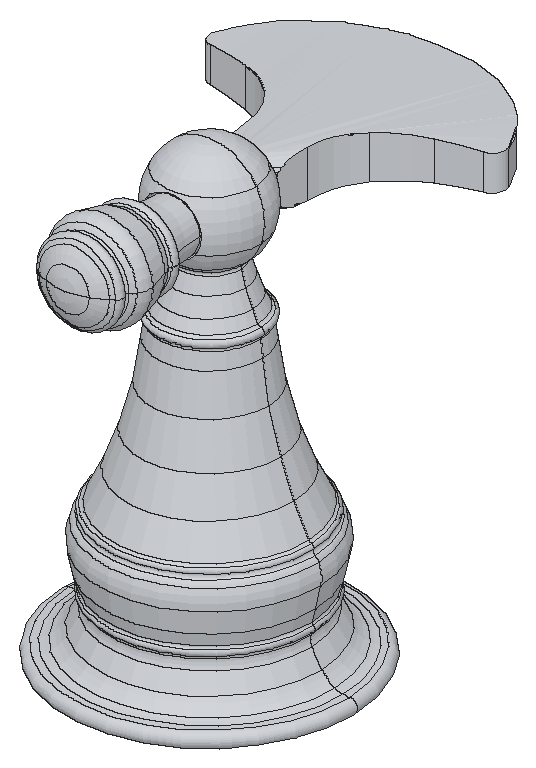
Revit family "Accessory-Robe_Hook-KOHLER-Revival-K-16146", category Specialty Equipment, host Face, Revit 2015
Parameters (values of type "CP-Polished Chrome")
  Width = 2 3/8"  # constant formula
  URL = "https://www.us.kohler.com/us/"
  Type = 1
  Product Page URL = "http://www.us.kohler.com/us/catalog/productDetails.jsp?productNumber=16146"
  Product Name = "Revival"  # constant formula
  Product Documentation Link = "http://www.us.kohler.com/onlinecatalog/pdf/K-16146_spec.pdf"
  Model = if(Type = 1, "K-16146-CP", if(Type = 2, "K-16146-PB", if(Type = 3, "K-16146-BN", if(Type = 4, "K-16146-BV", "NA"))))  # "K-16146-CP"
  Material = "Brass construction"  # constant formula
  MasterFormat 2004 = "10.28.13"  # constant formula
  MasterFormat 1995 = "10820"  # constant formula
  Manufacturer Address = "444 Highland Dr, Kohler, WI 53044"  # constant formula
  Manufacturer = "KOHLER Co."  # constant formula
  Length = 3 3/4"  # constant formula
  Height = Length  # 3 3/4"
  Finish = Kohler-Metal-CP-Polished_Chrome
  Environmental Product Declaration = ""
  Description = "Robe hook"  # constant formula
  Default Elevation = 42"
  Declare Label = ""
  Date Modified = "12/03/2018"  # constant formula
  Date Created = "12/03/2018"  # constant formula
  Copyright = "Copyright KOHLER Co."  # constant formula
  Contact Us = "https://www.us.kohler.com/us/static/contact.jsp"
  Assembly Code = "C1030200"
  ADA Compliant = 1 = 0  # no
Types (5): name | Type | Model | Finish
  (no name) | 1 | "K-16146-CP" | Kohler-Metal-CP-Polished_Chrome
  CP-Polished Chrome | 1 | "K-16146-CP" | Kohler-Metal-CP-Polished_Chrome
  PB-Vibrant Polished Brass | 2 | "K-16146-PB" | Kohler-Metal-PB-Vibrant_Polished_Brass
  BN-Vibrant Brushed Nickel | 3 | "K-16146-BN" | Kohler-Metal-BN-Vibrant_Brushed_Nickel
  BV-Vibrant Brushed Bronze | 4 | "K-16146-BV" | Kohler-Metal-BV-Brushed_Bronze
Reference planes (in)
  plane 1 "Center (Front/Back)": y = 0
  plane 2: z = 0
  plane 3 "Center (Left/Right)": x = 0
  plane 4: y = 2.29942
  plane 5: y = -1.45058
  plane 6: z = 3.75
  plane 7: x = -1.1875
  plane 8: x = 1.1875
Dimensions and locks (in)
  "Height": plane 4 to plane 5
  "Length": plane 6 to level
  "Width": plane 7 to plane 8
  aligned and locked: host face to plane 2
  aligned and locked: host face to level
Automatic sketch dimensions
  host sketch curve to host sketch curve = 96"  (x2)
Nested families (in)
  nested 1: "K-16146" at (0, 0, 0), type "K-16146"
Definition of nested family "K-16146"
  Parameters (values of type "K-16146")
    Material = none
  Reference planes (in)
    plane 1 "Center (Front/Back)": y = 0
    plane 2: z = 0
    plane 3 "Center (Left/Right)": x = 0
    plane 4: y = 1.1875
    plane 5: y = -1.1875
    plane 6: x = -1.1875
    plane 7: x = 1.1875
    plane 8: z = 3.75
    plane 9: y = -1.45058
    plane 10: y = 2.29942
  Forms (in)
    Revolve 1, solid, material <- "Material", detail levels medium+fine
      sketch origin (0, 0, 0) x (1, 0, 0) y (0, 0, 1)
        loop
          line (0, 0) -> (0, 3.75)
          arc (0, 3.75) -> (-0.21858, 3.69157) -> (-0.37887, 3.53188) r 0.4381
          arc (-0.37887, 3.53188) -> (-0.4418, 3.33792) -> (-0.41924, 3.13526) r 0.48388
          arc (-0.41924, 3.13526) -> (-0.37806, 3.0492) -> (-0.31714, 2.97577) r 0.38833
          arc (-0.31714, 2.97577) -> (-0.29263, 2.95317) -> (-0.26767, 2.93106) r 1.6648
          arc (-0.26767, 2.93106) -> (-0.2585, 2.91669) -> (-0.25864, 2.89966) r 0.03001
          arc (-0.25864, 2.89966) -> (-0.27701, 2.83812) -> (-0.29472, 2.77638) r 5.92659
          arc (-0.29472, 2.77638) -> (-0.31787, 2.70703) -> (-0.34763, 2.64024) r 0.75564
          arc (-0.34763, 2.64024) -> (-0.36952, 2.59534) -> (-0.39018, 2.54986) r 1.81731
          arc (-0.39018, 2.54986) -> (-0.40036, 2.53627) -> (-0.41552, 2.52861) r 0.0372
          arc (-0.41552, 2.52861) -> (-0.438, 2.50476) -> (-0.42526, 2.47456) r 0.03002
          arc (-0.42526, 2.47456) -> (-0.41433, 2.46169) -> (-0.41166, 2.44502) r 0.03135
          arc (-0.41166, 2.44502) -> (-0.41953, 2.3793) -> (-0.42809, 2.31366) r 6.26405
          arc (-0.42809, 2.31366) -> (-0.45202, 2.15305) -> (-0.48011, 1.99312) r 6.26405
          arc (-0.48011, 1.99312) -> (-0.51933, 1.82256) -> (-0.57181, 1.65561) r 2.23034
          arc (-0.57181, 1.65561) -> (-0.62402, 1.51384) -> (-0.6788, 1.37304) r 8.32302
          arc (-0.6788, 1.37304) -> (-0.733, 1.25151) -> (-0.79661, 1.13463) r 1.68754
          arc (-0.79661, 1.13463) -> (-0.80667, 1.1226) -> (-0.81997, 1.1143) r 0.04969
          arc (-0.81997, 1.1143) -> (-0.83464, 1.09945) -> (-0.8345, 1.07858) r 0.02727
          arc (-0.8345, 1.07858) -> (-0.83315, 1.05829) -> (-0.8446, 1.0415) r 0.03113
          arc (-0.8446, 1.0415) -> (-0.86346, 1.02319) -> (-0.87694, 1.00063) r 0.10072
          arc (-0.87694, 1.00063) -> (-0.89811, 0.9228) -> (-0.89661, 0.84215) r 0.28474
          arc (-0.89661, 0.84215) -> (-0.87982, 0.75127) -> (-0.85905, 0.66122) r 2.10532
          arc (-0.85905, 0.66122) -> (-0.8449, 0.61059) -> (-0.82834, 0.5607) r 1.097
          arc (-0.82834, 0.5607) -> (-0.82757, 0.54542) -> (-0.83541, 0.53229) r 0.02638
          arc (-0.83541, 0.53229) -> (-0.84499, 0.50756) -> (-0.83101, 0.48502) r 0.02972
          arc (-0.83101, 0.48502) -> (-0.81975, 0.47391) -> (-0.81444, 0.45901) r 0.03543
          arc (-0.81444, 0.45901) -> (-0.8154, 0.41856) -> (-0.82756, 0.37997) r 0.14414
          arc (-0.82756, 0.37997) -> (-0.86418, 0.30966) -> (-0.90549, 0.242) r 1.16777
          arc (-0.90549, 0.242) -> (-0.9517, 0.18791) -> (-1.00986, 0.14692) r 0.28538
          arc (-1.00986, 0.14692) -> (-1.04146, 0.13318) -> (-1.07483, 0.12455) r 0.2195
          arc (-1.07483, 0.12455) -> (-1.10071, 0.12114) -> (-1.12679, 0.12) r 0.29924
          arc (-1.12679, 0.12) -> (-1.18714, 0.06586) -> (-1.13985, 0) r 0.06071
          line (-1.13985, 0) -> (0, 0)
        axis (0, 3.75) -> (0, 0)
      angle from 0 to 360
    Extrusion 2, void
      sketch origin (0, 0, 0) x (1, 0, 0) y (0, 0, 1)
        loop
          circle (0, 3.28043) r 0.24005
      from -0.45704 to 0.43897
    Revolve 3, solid, material <- "Material", detail levels medium+fine
      sketch origin (0, 0, 3.28037) x (1, 0, 0) y (0, 1, 0)
        loop
          line (0.22268, 0.37755) -> (0, 0.37755) -> (0, -1.45058)
          arc (0, -1.45058) -> (0.08816, -1.44218) -> (0.17314, -1.41727) r 0.46666
          arc (0.17314, -1.41727) -> (0.2307, -1.38957) -> (0.28394, -1.35426) r 0.46666
          arc (0.28394, -1.35426) -> (0.30021, -1.34254) -> (0.31717, -1.33182) r 0.3336
          arc (0.31717, -1.33182) -> (0.34074, -1.29391) -> (0.32314, -1.25288) r 0.04827
          arc (0.32314, -1.25288) -> (0.31564, -1.23552) -> (0.32552, -1.21939) r 0.02054
          arc (0.32552, -1.21939) -> (0.34637, -1.20479) -> (0.36503, -1.1875) r 0.18658
          arc (0.36503, -1.1875) -> (0.39649, -1.13182) -> (0.39857, -1.0679) r 0.13401
          arc (0.39857, -1.0679) -> (0.37691, -0.97582) -> (0.35113, -0.88481) r 2.10084
          arc (0.35113, -0.88481) -> (0.33788, -0.85022) -> (0.32012, -0.81773) r 0.27556
          arc (0.32012, -0.81773) -> (0.31636, -0.80069) -> (0.32447, -0.78523) r 0.02543
          arc (0.32447, -0.78523) -> (0.33648, -0.73076) -> (0.28906, -0.70138) r 0.04823
          arc (0.28906, -0.70138) -> (0.27416, -0.69719) -> (0.26511, -0.68464) r 0.02348
          arc (0.26511, -0.68464) -> (0.23151, -0.53109) -> (0.22077, -0.37428) r 1.07036
          arc (0.22077, -0.37428) -> (0.2222, 0.00163) -> (0.22268, 0.37755) r 147.88318
        axis (0, 0.37755) -> (0, -1.45058)
      angle from 0 to 360
    Blend 4, solid, material <- "Material", detail levels medium+fine
      base sketch origin (0, 0, 0) x (1, 0, 0) y (0, 0, 1)
        loop
          arc (0.18785, 3.39994) -> (0.17852, 3.41347) -> (0.16822, 3.42627) r 0.22268
          arc (0.16822, 3.42627) -> (0.00045, 3.50305) -> (-0.16763, 3.42696) r 0.22268
          arc (-0.16763, 3.42696) -> (-0.17825, 3.41383) -> (-0.18785, 3.39994) r 0.22268
          arc (-0.18785, 3.39994) -> (-0.22256, 3.28752) -> (-0.19514, 3.17311) r 0.22268
          arc (-0.19514, 3.17311) -> (-0.18382, 3.15469) -> (-0.17077, 3.13746) r 0.22268
          arc (-0.17077, 3.13746) -> (0.00114, 3.0577) -> (0.17223, 3.13922) r 0.22268
          arc (0.17223, 3.13922) -> (0.18446, 3.15564) -> (0.19514, 3.17311) r 0.22268
          arc (0.19514, 3.17311) -> (0.22256, 3.28752) -> (0.18785, 3.39994) r 0.22268
      top sketch origin (0, 0, 0) x (1, 0, 0) y (0, 0, 1)
        loop
          line (2.2103, 3.4058) -> (-2.21039, 3.4058)
          arc (-2.21039, 3.4058) -> (-2.24913, 3.3922) -> (-2.27085, 3.35735) r 0.06195
          arc (-2.27085, 3.35735) -> (-2.27955, 3.27905) -> (-2.2711, 3.20072) r 0.36213
          arc (-2.2711, 3.20072) -> (-2.24862, 3.16446) -> (-2.20838, 3.15029) r 0.06422
          line (-2.20838, 3.15029) -> (2.20914, 3.15029)
          arc (2.20914, 3.15029) -> (2.24873, 3.1642) -> (2.27091, 3.19983) r 0.06328
          arc (2.27091, 3.19983) -> (2.27955, 3.27854) -> (2.27088, 3.35724) r 0.36213
          arc (2.27088, 3.35724) -> (2.24912, 3.39216) -> (2.2103, 3.4058) r 0.06207
      from -0.37755 to -2.34478
    Extrusion 5, void
      sketch origin (0, 0, 0) x (1, 0, 0) y (0, 1, 0)
        loop
          arc (1.17971, 1.53011) -> (1.17346, 1.43743) -> (1.09668, 1.38516) r 0.10613
          arc (1.09668, 1.38516) -> (0.9259, 1.35174) -> (0.75918, 1.3019) r 1.79201
          arc (0.75918, 1.3019) -> (0.57397, 1.21043) -> (0.41574, 1.07765) r 0.86477
          arc (0.41574, 1.07765) -> (0.29348, 0.88771) -> (0.24638, 0.66678) r 0.62757
          arc (0.24638, 0.66678) -> (0.23834, 0.52185) -> (0.22268, 0.37755) r 2.75548
          line (0.22268, 0.37755) -> (2.34028, 0.37755) -> (2.34028, 2.48947) -> (-2.40972, 2.48947) -> (-2.40972, 0.37755) -> (-0.22268, 0.37755)
          arc (-0.22268, 0.37755) -> (-0.23834, 0.52185) -> (-0.24638, 0.66678) r 2.75548
          arc (-0.24638, 0.66678) -> (-0.29348, 0.88771) -> (-0.41574, 1.07765) r 0.62757
          arc (-0.41574, 1.07765) -> (-0.57397, 1.21043) -> (-0.75918, 1.3019) r 0.86477
          arc (-0.75918, 1.3019) -> (-0.92598, 1.35175) -> (-1.09683, 1.38519) r 1.79201
          arc (-1.09683, 1.38519) -> (-1.1749, 1.43996) -> (-1.17725, 1.5353) r 0.10588
          arc (-1.17725, 1.5353) -> (-1.12731, 1.6356) -> (-1.07349, 1.73388) r 2.87185
          arc (-1.07349, 1.73388) -> (-0.9565, 1.8955) -> (-0.80809, 2.02886) r 0.94232
          arc (-0.80809, 2.02886) -> (-0.67214, 2.11889) -> (-0.52925, 2.19743) r 1.982
          arc (-0.52925, 2.19743) -> (-0.38819, 2.25275) -> (-0.23964, 2.28261) r 0.86505
          arc (-0.23964, 2.28261) -> (-0.11999, 2.29345) -> (0, 2.29942) r 2.95807
          arc (0, 2.29942) -> (0.71038, 2.09959) -> (1.17971, 1.53011) r 1.23401
      from 2.86225 to 3.7692
    Revolve 6, solid, material <- "Material", detail levels coarse
      sketch origin (0, 0, 0) x (0, 1, 0) y (0, 0, 1)
        loop
          line (0, 0) -> (0, 3.75) -> (-0.42526, 3.75) -> (-0.42526, 2.52431) -> (-0.89811, 0.9228) -> (-1.21586, 0) -> (0, 0)
        axis (0, 3.75) -> (0, 0)
      angle from 0 to 360
    Revolve 7, solid, material <- "Material", detail levels coarse
      sketch origin (0, 0, 3.27956) x (1, 0, 0) y (0, 1, 0)
        loop
          line (0, -1.45058) -> (0.40019, -1.45058) -> (0.40019, -1.09573) -> (0.33711, -0.73799) -> (0.22476, -0.10082) -> (0, -0.10082) -> (0, -1.45058)
        axis (0, -0.10082) -> (0, -1.45058)
      angle from 0 to 360
    Extrusion 8, solid, material <- "Material", detail levels coarse
      sketch origin (0, 0, 0) x (1, 0, 0) y (0, 1, 0)
        loop
          line (0, 2.29942) -> (-1.1875, 2.29942) -> (-1.1875, 1.1875) -> (-0.54059, 1.1875) -> (-0.13682, 0.1588) -> (0.13682, 0.1588) -> (0.54059, 1.1875) -> (1.1875, 1.1875) -> (1.1875, 2.29942) -> (0, 2.29942)
      from 3.06357 to 3.49847
  Cuts and joins
    Extrusion 2 cuts Revolve 1
    Extrusion 5 cuts Blend 4
    joined: Revolve 1, Blend 4
    joined: Revolve 6, Revolve 7, Extrusion 8
  Lines and regions (in)
    Masking region 1
      outline origin (0, 0, 0) x (1, 0, 0) y (0, 0, 1)
        loop
          line (0, 0) -> (1.13985, 0)
          arc (1.13985, 0) -> (1.17324, 0.02009) -> (1.1875, 0.05635) r 0.0606
          arc (1.1875, 0.05635) -> (1.17077, 0.10117) -> (1.12679, 0.12) r 0.06078
          arc (1.12679, 0.12) -> (1.10071, 0.12114) -> (1.07483, 0.12455) r 0.29924
          arc (1.07483, 0.12455) -> (1.04146, 0.13318) -> (1.00986, 0.14692) r 0.2195
          arc (1.00986, 0.14692) -> (0.9517, 0.18791) -> (0.90549, 0.242) r 0.28538
          arc (0.90549, 0.242) -> (0.86418, 0.30966) -> (0.82756, 0.37997) r 1.16777
          arc (0.82756, 0.37997) -> (0.8154, 0.41856) -> (0.81444, 0.45901) r 0.14414
          arc (0.81444, 0.45901) -> (0.81975, 0.47391) -> (0.83101, 0.48502) r 0.03543
          arc (0.83101, 0.48502) -> (0.84499, 0.50756) -> (0.83541, 0.53229) r 0.02972
          arc (0.83541, 0.53229) -> (0.82757, 0.54542) -> (0.82834, 0.5607) r 0.02638
          arc (0.82834, 0.5607) -> (0.8449, 0.61059) -> (0.85905, 0.66122) r 1.097
          arc (0.85905, 0.66122) -> (0.87982, 0.75127) -> (0.89661, 0.84215) r 2.10532
          arc (0.89661, 0.84215) -> (0.89811, 0.9228) -> (0.87694, 1.00063) r 0.28474
          arc (0.87694, 1.00063) -> (0.86346, 1.02319) -> (0.8446, 1.0415) r 0.10072
          arc (0.8446, 1.0415) -> (0.83315, 1.05829) -> (0.8345, 1.07858) r 0.03113
          arc (0.8345, 1.07858) -> (0.83464, 1.09945) -> (0.81997, 1.1143) r 0.02727
          arc (0.81997, 1.1143) -> (0.80667, 1.1226) -> (0.79661, 1.13463) r 0.04969
          arc (0.79661, 1.13463) -> (0.733, 1.25151) -> (0.6788, 1.37304) r 1.68754
          arc (0.6788, 1.37304) -> (0.62402, 1.51384) -> (0.57181, 1.65561) r 8.32302
          arc (0.57181, 1.65561) -> (0.51933, 1.82256) -> (0.48011, 1.99312) r 2.23034
          arc (0.48011, 1.99312) -> (0.45202, 2.15305) -> (0.42809, 2.31366) r 6.26405
          arc (0.42809, 2.31366) -> (0.41953, 2.3793) -> (0.41166, 2.44502) r 6.26405
          arc (0.41166, 2.44502) -> (0.41433, 2.46169) -> (0.42526, 2.47456) r 0.03135
          arc (0.42526, 2.47456) -> (0.438, 2.50476) -> (0.41552, 2.52861) r 0.03002
          arc (0.41552, 2.52861) -> (0.40036, 2.53627) -> (0.39018, 2.54986) r 0.0372
          arc (0.39018, 2.54986) -> (0.36952, 2.59534) -> (0.34763, 2.64024) r 1.81731
          arc (0.34763, 2.64024) -> (0.31787, 2.70703) -> (0.29472, 2.77638) r 0.75564
          arc (0.29472, 2.77638) -> (0.27701, 2.83812) -> (0.25864, 2.89966) r 5.92659
          arc (0.25864, 2.89966) -> (0.2585, 2.91669) -> (0.26767, 2.93106) r 0.03001
          arc (0.26767, 2.93106) -> (0.29263, 2.95317) -> (0.31714, 2.97577) r 1.6648
          arc (0.31714, 2.97577) -> (0.36789, 3.03411) -> (0.40609, 3.10134) r 0.38833
          line (0.40609, 3.10134) -> (0.86978, 3.12564) -> (1.1875, 3.13708) -> (1.1875, 3.4219) -> (0.75918, 3.43869)
          spline (0.75918, 3.43869) -> (0.72665, 3.44018) -> (0.69465, 3.4417) -> (0.66321, 3.44324) -> (0.63239, 3.44481) -> (0.60224, 3.44639) -> (0.57281, 3.44799) -> (0.54414, 3.4496) -> (0.51629, 3.45123) -> (0.48929, 3.45286) -> (0.46319, 3.4545) -> (0.43804, 3.45615) -> (0.41386, 3.45779)
          arc (0.41386, 3.45779) -> (0.39793, 3.49558) -> (0.37887, 3.53188) r 0.48388
          arc (0.37887, 3.53188) -> (0.21858, 3.69157) -> (0, 3.75) r 0.4381
          arc (0, 3.75) -> (-0.21858, 3.69157) -> (-0.37887, 3.53188) r 0.4381
          arc (-0.37887, 3.53188) -> (-0.39793, 3.49558) -> (-0.41386, 3.45779) r 0.48388
          spline (-0.41386, 3.45779) -> (-0.43804, 3.45615) -> (-0.46319, 3.4545) -> (-0.48929, 3.45286) -> (-0.51629, 3.45123) -> (-0.54414, 3.4496) -> (-0.57281, 3.44799) -> (-0.60224, 3.44639) -> (-0.63239, 3.44481) -> (-0.66321, 3.44324) -> (-0.69465, 3.4417) -> (-0.72665, 3.44018) -> (-0.75918, 3.43869)
          line (-0.75918, 3.43869) -> (-1.1875, 3.4219) -> (-1.1875, 3.13708) -> (-0.86978, 3.12564) -> (-0.40609, 3.10134)
          arc (-0.40609, 3.10134) -> (-0.36789, 3.03411) -> (-0.31714, 2.97577) r 0.38833
          arc (-0.31714, 2.97577) -> (-0.29263, 2.95317) -> (-0.26767, 2.93106) r 1.6648
          arc (-0.26767, 2.93106) -> (-0.2585, 2.91669) -> (-0.25864, 2.89966) r 0.03001
          arc (-0.25864, 2.89966) -> (-0.27701, 2.83812) -> (-0.29472, 2.77638) r 5.92659
          arc (-0.29472, 2.77638) -> (-0.31787, 2.70703) -> (-0.34763, 2.64024) r 0.75564
          arc (-0.34763, 2.64024) -> (-0.36952, 2.59534) -> (-0.39018, 2.54986) r 1.81731
          arc (-0.39018, 2.54986) -> (-0.40036, 2.53627) -> (-0.41552, 2.52861) r 0.0372
          arc (-0.41552, 2.52861) -> (-0.438, 2.50476) -> (-0.42526, 2.47456) r 0.03002
          arc (-0.42526, 2.47456) -> (-0.41433, 2.46169) -> (-0.41166, 2.44502) r 0.03135
          arc (-0.41166, 2.44502) -> (-0.41953, 2.3793) -> (-0.42809, 2.31366) r 6.26405
          arc (-0.42809, 2.31366) -> (-0.45202, 2.15305) -> (-0.48011, 1.99312) r 6.26405
          arc (-0.48011, 1.99312) -> (-0.51933, 1.82256) -> (-0.57181, 1.65561) r 2.23034
          arc (-0.57181, 1.65561) -> (-0.62402, 1.51384) -> (-0.6788, 1.37304) r 8.32302
          arc (-0.6788, 1.37304) -> (-0.733, 1.25151) -> (-0.79661, 1.13463) r 1.68754
          arc (-0.79661, 1.13463) -> (-0.80667, 1.1226) -> (-0.81997, 1.1143) r 0.04969
          arc (-0.81997, 1.1143) -> (-0.83464, 1.09945) -> (-0.8345, 1.07858) r 0.02727
          arc (-0.8345, 1.07858) -> (-0.83315, 1.05829) -> (-0.8446, 1.0415) r 0.03113
          arc (-0.8446, 1.0415) -> (-0.86346, 1.02319) -> (-0.87694, 1.00063) r 0.10072
          arc (-0.87694, 1.00063) -> (-0.89811, 0.9228) -> (-0.89661, 0.84215) r 0.28474
          arc (-0.89661, 0.84215) -> (-0.87982, 0.75127) -> (-0.85905, 0.66122) r 2.10532
          arc (-0.85905, 0.66122) -> (-0.8449, 0.61059) -> (-0.82834, 0.5607) r 1.097
          arc (-0.82834, 0.5607) -> (-0.82757, 0.54542) -> (-0.83541, 0.53229) r 0.02638
          arc (-0.83541, 0.53229) -> (-0.84499, 0.50756) -> (-0.83101, 0.48502) r 0.02972
          arc (-0.83101, 0.48502) -> (-0.81975, 0.47391) -> (-0.81444, 0.45901) r 0.03543
          arc (-0.81444, 0.45901) -> (-0.8154, 0.41856) -> (-0.82756, 0.37997) r 0.14414
          arc (-0.82756, 0.37997) -> (-0.86418, 0.30966) -> (-0.90549, 0.242) r 1.16777
          arc (-0.90549, 0.242) -> (-0.9517, 0.18791) -> (-1.00986, 0.14692) r 0.28538
          arc (-1.00986, 0.14692) -> (-1.04146, 0.13318) -> (-1.07483, 0.12455) r 0.2195
          arc (-1.07483, 0.12455) -> (-1.10071, 0.12114) -> (-1.12679, 0.12) r 0.29924
          arc (-1.12679, 0.12) -> (-1.17077, 0.10117) -> (-1.1875, 0.05635) r 0.06078
          arc (-1.1875, 0.05635) -> (-1.17324, 0.02009) -> (-1.13985, 0) r 0.0606
          line (-1.13985, 0) -> (0, 0)
    Masking region 2
      outline origin (0, 0, 0) x (0, 1, 0) y (0, 0, 1)
        loop
          line (0, 0) -> (1.13985, 0)
          arc (1.13985, 0) -> (1.17444, 0.02166) -> (1.1875, 0.06033) r 0.0607
          arc (1.1875, 0.06033) -> (1.16935, 0.10258) -> (1.12679, 0.12) r 0.06072
          arc (1.12679, 0.12) -> (1.10071, 0.12114) -> (1.07483, 0.12455) r 0.29924
          arc (1.07483, 0.12455) -> (1.04146, 0.13318) -> (1.00986, 0.14692) r 0.2195
          arc (1.00986, 0.14692) -> (0.9517, 0.18791) -> (0.90549, 0.242) r 0.28538
          arc (0.90549, 0.242) -> (0.86418, 0.30966) -> (0.82756, 0.37997) r 1.16777
          arc (0.82756, 0.37997) -> (0.8154, 0.41856) -> (0.81444, 0.45901) r 0.14414
          arc (0.81444, 0.45901) -> (0.81975, 0.47391) -> (0.83101, 0.48502) r 0.03543
          arc (0.83101, 0.48502) -> (0.84499, 0.50756) -> (0.83541, 0.53229) r 0.02972
          arc (0.83541, 0.53229) -> (0.82757, 0.54542) -> (0.82834, 0.5607) r 0.02638
          arc (0.82834, 0.5607) -> (0.8449, 0.61059) -> (0.85905, 0.66122) r 1.097
          arc (0.85905, 0.66122) -> (0.87982, 0.75127) -> (0.89661, 0.84215) r 2.10532
          arc (0.89661, 0.84215) -> (0.89811, 0.9228) -> (0.87694, 1.00063) r 0.28474
          arc (0.87694, 1.00063) -> (0.86346, 1.02319) -> (0.8446, 1.0415) r 0.10072
          arc (0.8446, 1.0415) -> (0.83315, 1.05829) -> (0.8345, 1.07858) r 0.03113
          arc (0.8345, 1.07858) -> (0.83464, 1.09945) -> (0.81997, 1.1143) r 0.02727
          arc (0.81997, 1.1143) -> (0.80667, 1.1226) -> (0.79661, 1.13463) r 0.04969
          arc (0.79661, 1.13463) -> (0.733, 1.25151) -> (0.6788, 1.37304) r 1.68754
          arc (0.6788, 1.37304) -> (0.62402, 1.51384) -> (0.57181, 1.65561) r 8.32302
          arc (0.57181, 1.65561) -> (0.51933, 1.82256) -> (0.48011, 1.99312) r 2.23034
          arc (0.48011, 1.99312) -> (0.45202, 2.15305) -> (0.42809, 2.31366) r 6.26405
          arc (0.42809, 2.31366) -> (0.41953, 2.3793) -> (0.41166, 2.44502) r 6.26405
          arc (0.41166, 2.44502) -> (0.41433, 2.46169) -> (0.42526, 2.47456) r 0.03135
          arc (0.42526, 2.47456) -> (0.438, 2.50476) -> (0.41552, 2.52861) r 0.03002
          arc (0.41552, 2.52861) -> (0.40036, 2.53627) -> (0.39018, 2.54986) r 0.0372
          arc (0.39018, 2.54986) -> (0.36952, 2.59534) -> (0.34763, 2.64024) r 1.81731
          arc (0.34763, 2.64024) -> (0.31787, 2.70703) -> (0.29472, 2.77638) r 0.75564
          arc (0.29472, 2.77638) -> (0.27701, 2.83812) -> (0.25864, 2.89966) r 5.92659
          arc (0.25864, 2.89966) -> (0.2585, 2.91669) -> (0.26767, 2.93106) r 0.03001
          arc (0.26767, 2.93106) -> (0.29263, 2.95317) -> (0.31714, 2.97577) r 1.6648
          arc (0.31714, 2.97577) -> (0.35299, 3.01443) -> (0.38328, 3.05758) r 0.38833
          line (0.38328, 3.05758) -> (1.1875, 3.09445) -> (2.29942, 3.14816) -> (2.29942, 3.40805) -> (0.39485, 3.50198)
          arc (0.39485, 3.50198) -> (0.38712, 3.51707) -> (0.37887, 3.53188) r 0.48388
          arc (0.37887, 3.53188) -> (0.21858, 3.69157) -> (0, 3.75) r 0.4381
          arc (0, 3.75) -> (-0.21858, 3.69157) -> (-0.37887, 3.53188) r 0.4381
          arc (-0.37887, 3.53188) -> (-0.38753, 3.51631) -> (-0.39561, 3.50044) r 0.48388
          arc (-0.39561, 3.50044) -> (-0.54164, 3.51264) -> (-0.68464, 3.54467) r 1.07036
          arc (-0.68464, 3.54467) -> (-0.69719, 3.55372) -> (-0.70138, 3.56863) r 0.02348
          arc (-0.70138, 3.56863) -> (-0.73076, 3.61605) -> (-0.78523, 3.60403) r 0.04823
          arc (-0.78523, 3.60403) -> (-0.80069, 3.59592) -> (-0.81773, 3.59968) r 0.02543
          arc (-0.81773, 3.59968) -> (-0.85022, 3.61745) -> (-0.88481, 3.63069) r 0.27556
          arc (-0.88481, 3.63069) -> (-0.97582, 3.65647) -> (-1.0679, 3.67813) r 2.10084
          arc (-1.0679, 3.67813) -> (-1.13182, 3.67606) -> (-1.1875, 3.64459) r 0.13401
          arc (-1.1875, 3.64459) -> (-1.20479, 3.62593) -> (-1.21939, 3.60509) r 0.18658
          arc (-1.21939, 3.60509) -> (-1.23552, 3.5952) -> (-1.25288, 3.6027) r 0.02054
          arc (-1.25288, 3.6027) -> (-1.29391, 3.6203) -> (-1.33182, 3.59673) r 0.04827
          arc (-1.33182, 3.59673) -> (-1.34254, 3.57978) -> (-1.35426, 3.5635) r 0.3336
          arc (-1.35426, 3.5635) -> (-1.38957, 3.51026) -> (-1.41727, 3.4527) r 0.46666
          arc (-1.41727, 3.4527) -> (-1.44218, 3.36772) -> (-1.45058, 3.27956) r 0.46666
          arc (-1.45058, 3.27956) -> (-1.44218, 3.19141) -> (-1.41727, 3.10642) r 0.46666
          arc (-1.41727, 3.10642) -> (-1.38957, 3.04886) -> (-1.35426, 2.99563) r 0.46666
          arc (-1.35426, 2.99563) -> (-1.34254, 2.97935) -> (-1.33182, 2.9624) r 0.3336
          arc (-1.33182, 2.9624) -> (-1.29391, 2.93883) -> (-1.25288, 2.95643) r 0.04827
          arc (-1.25288, 2.95643) -> (-1.23552, 2.96392) -> (-1.21939, 2.95404) r 0.02054
          arc (-1.21939, 2.95404) -> (-1.20479, 2.9332) -> (-1.1875, 2.91453) r 0.18658
          arc (-1.1875, 2.91453) -> (-1.13182, 2.88307) -> (-1.0679, 2.88099) r 0.13401
          arc (-1.0679, 2.88099) -> (-0.97582, 2.90265) -> (-0.88481, 2.92843) r 2.10084
          arc (-0.88481, 2.92843) -> (-0.85022, 2.94168) -> (-0.81773, 2.95944) r 0.27556
          arc (-0.81773, 2.95944) -> (-0.80069, 2.96321) -> (-0.78523, 2.95509) r 0.02543
          arc (-0.78523, 2.95509) -> (-0.73076, 2.94308) -> (-0.70138, 2.9905) r 0.04823
          arc (-0.70138, 2.9905) -> (-0.69719, 3.0054) -> (-0.68464, 3.01446) r 0.02348
          arc (-0.68464, 3.01446) -> (-0.53591, 3.04735) -> (-0.38401, 3.0588) r 1.07036
          arc (-0.38401, 3.0588) -> (-0.35344, 3.01498) -> (-0.31714, 2.97577) r 0.38833
          arc (-0.31714, 2.97577) -> (-0.29263, 2.95317) -> (-0.26767, 2.93106) r 1.6648
          arc (-0.26767, 2.93106) -> (-0.2585, 2.91669) -> (-0.25864, 2.89966) r 0.03001
          arc (-0.25864, 2.89966) -> (-0.27701, 2.83812) -> (-0.29472, 2.77638) r 5.92659
          arc (-0.29472, 2.77638) -> (-0.31787, 2.70703) -> (-0.34763, 2.64024) r 0.75564
          arc (-0.34763, 2.64024) -> (-0.36952, 2.59534) -> (-0.39018, 2.54986) r 1.81731
          arc (-0.39018, 2.54986) -> (-0.40036, 2.53627) -> (-0.41552, 2.52861) r 0.0372
          arc (-0.41552, 2.52861) -> (-0.438, 2.50476) -> (-0.42526, 2.47456) r 0.03002
          arc (-0.42526, 2.47456) -> (-0.41433, 2.46169) -> (-0.41166, 2.44502) r 0.03135
          arc (-0.41166, 2.44502) -> (-0.41953, 2.3793) -> (-0.42809, 2.31366) r 6.26405
          arc (-0.42809, 2.31366) -> (-0.45202, 2.15305) -> (-0.48011, 1.99312) r 6.26405
          arc (-0.48011, 1.99312) -> (-0.51933, 1.82256) -> (-0.57181, 1.65561) r 2.23034
          arc (-0.57181, 1.65561) -> (-0.62402, 1.51384) -> (-0.6788, 1.37304) r 8.32302
          arc (-0.6788, 1.37304) -> (-0.733, 1.25151) -> (-0.79661, 1.13463) r 1.68754
          arc (-0.79661, 1.13463) -> (-0.80667, 1.1226) -> (-0.81997, 1.1143) r 0.04969
          arc (-0.81997, 1.1143) -> (-0.83464, 1.09945) -> (-0.8345, 1.07858) r 0.02727
          arc (-0.8345, 1.07858) -> (-0.83315, 1.05829) -> (-0.8446, 1.0415) r 0.03113
          arc (-0.8446, 1.0415) -> (-0.86346, 1.02319) -> (-0.87694, 1.00063) r 0.10072
          arc (-0.87694, 1.00063) -> (-0.89811, 0.9228) -> (-0.89661, 0.84215) r 0.28474
          arc (-0.89661, 0.84215) -> (-0.87982, 0.75127) -> (-0.85905, 0.66122) r 2.10532
          arc (-0.85905, 0.66122) -> (-0.8449, 0.61059) -> (-0.82834, 0.5607) r 1.097
          arc (-0.82834, 0.5607) -> (-0.82757, 0.54542) -> (-0.83541, 0.53229) r 0.02638
          arc (-0.83541, 0.53229) -> (-0.84499, 0.50756) -> (-0.83101, 0.48502) r 0.02972
          arc (-0.83101, 0.48502) -> (-0.81975, 0.47391) -> (-0.81444, 0.45901) r 0.03543
          arc (-0.81444, 0.45901) -> (-0.8154, 0.41856) -> (-0.82756, 0.37997) r 0.14414
          arc (-0.82756, 0.37997) -> (-0.86418, 0.30966) -> (-0.90549, 0.242) r 1.16777
          arc (-0.90549, 0.242) -> (-0.9517, 0.18791) -> (-1.00986, 0.14692) r 0.28538
          arc (-1.00986, 0.14692) -> (-1.04146, 0.13318) -> (-1.07483, 0.12455) r 0.2195
          arc (-1.07483, 0.12455) -> (-1.10071, 0.12114) -> (-1.12679, 0.12) r 0.29924
          arc (-1.12679, 0.12) -> (-1.16935, 0.10258) -> (-1.1875, 0.06033) r 0.06072
          arc (-1.1875, 0.06033) -> (-1.17444, 0.02166) -> (-1.13985, 0) r 0.0607
          line (-1.13985, 0) -> (0, 0)
    Masking region 3
      outline origin (0, 0, 0) x (1, 0, 0) y (0, 1, 0)
        loop
          arc (0.40019, -1.11413) -> (0.97081, -0.68212) -> (1.1875, 0) r 1.18196
          arc (1.1875, 0) -> (0.9822, 0.66571) -> (0.43761, 1.10016) r 1.18196
          arc (0.43761, 1.10016) -> (0.58571, 1.22125) -> (0.75918, 1.3019) r 0.76636
          arc (0.75918, 1.3019) -> (0.92651, 1.34928) -> (1.09668, 1.38516) r 2.55154
          arc (1.09668, 1.38516) -> (1.16079, 1.4215) -> (1.1875, 1.49019) r 0.10985
          arc (1.1875, 1.49019) -> (1.18582, 1.51058) -> (1.1797, 1.5301) r 0.09237
          arc (1.1797, 1.5301) -> (0.70419, 2.0901) -> (0, 2.29942) r 1.28915
          arc (0, 2.29942) -> (-0.70419, 2.0901) -> (-1.1797, 1.5301) r 1.28915
          arc (-1.1797, 1.5301) -> (-1.18582, 1.51058) -> (-1.1875, 1.49019) r 0.09237
          arc (-1.1875, 1.49019) -> (-1.16079, 1.4215) -> (-1.09668, 1.38516) r 0.10985
          arc (-1.09668, 1.38516) -> (-0.92651, 1.34928) -> (-0.75918, 1.3019) r 2.55154
          arc (-0.75918, 1.3019) -> (-0.58571, 1.22125) -> (-0.43761, 1.10016) r 0.76636
          arc (-0.43761, 1.10016) -> (-0.9822, 0.66571) -> (-1.1875, 0) r 1.18196
          arc (-1.1875, 0) -> (-0.97081, -0.68212) -> (-0.40019, -1.11413) r 1.18196
          arc (-0.40019, -1.11413) -> (-0.38831, -1.15355) -> (-0.36503, -1.1875) r 0.13401
          arc (-0.36503, -1.1875) -> (-0.34637, -1.20479) -> (-0.32552, -1.21939) r 0.18658
          arc (-0.32552, -1.21939) -> (-0.31564, -1.23552) -> (-0.32314, -1.25288) r 0.02054
          arc (-0.32314, -1.25288) -> (-0.34074, -1.29391) -> (-0.31717, -1.33182) r 0.04827
          arc (-0.31717, -1.33182) -> (-0.30021, -1.34254) -> (-0.28394, -1.35426) r 0.3336
          arc (-0.28394, -1.35426) -> (-0.2307, -1.38957) -> (-0.17314, -1.41727) r 0.46666
          arc (-0.17314, -1.41727) -> (-0.08816, -1.44218) -> (0, -1.45058) r 0.46666
          arc (0, -1.45058) -> (0.08816, -1.44218) -> (0.17314, -1.41727) r 0.46666
          arc (0.17314, -1.41727) -> (0.2307, -1.38957) -> (0.28394, -1.35426) r 0.46666
          arc (0.28394, -1.35426) -> (0.30021, -1.34254) -> (0.31717, -1.33182) r 0.3336
          arc (0.31717, -1.33182) -> (0.34074, -1.29391) -> (0.32314, -1.25288) r 0.04827
          arc (0.32314, -1.25288) -> (0.31564, -1.23552) -> (0.32552, -1.21939) r 0.02054
          arc (0.32552, -1.21939) -> (0.34637, -1.20479) -> (0.36503, -1.1875) r 0.18658
          arc (0.36503, -1.1875) -> (0.38831, -1.15355) -> (0.40019, -1.11413) r 0.13401
    symbolic lines, detail levels medium+fine
      curve 1: line (-1.12679, 0, 0.12) -> (1.12679, 0, 0.12)
      curve 2: line (0.83101, 0, 0.48502) -> (-0.83101, 0, 0.48502)
      curve 3: line (-0.83541, 0, 0.53229) -> (0.83541, 0, 0.53229)
      curve 4: line (0.8345, 0, 1.07858) -> (-0.8345, 0, 1.07858)
      curve 5: line (-0.81997, 0, 1.1143) -> (0.81997, 0, 1.1143)
      curve 6: line (0.42526, 0, 2.47456) -> (-0.42526, 0, 2.47456)
      curve 7: line (0.41552, 0, 2.52861) -> (-0.41552, 0, 2.52861)
      curve 8: line (0.40609, 0, 3.10134) -> (0.01493, 0, 3.0593)
      curve 9: line (-0.40609, 0, 3.10134) -> (-0.01493, 0, 3.0593)
      curve 10: arc (0.01493, 0, 3.0593) -> (0, 0, 3.0585) -> (-0.01493, 0, 3.0593) r 0.13966
      curve 11: line (0.41386, 0, 3.45779) -> (0.05758, 0, 3.49609)
      curve 12: line (-0.41386, 0, 3.45779) -> (-0.05758, 0, 3.49609)
      curve 13: arc (0.05758, 0, 3.49609) -> (0, 0, 3.49917) -> (-0.05758, 0, 3.49609) r 0.53881
      curve 14: line (1.1875, 0, 3.4219) -> (-1.1875, 0, 3.4219)
      curve 15: line (-1.1875, 0, 3.13708) -> (1.1875, 0, 3.13708)
      curve 16: arc (0.11775, 0, 3.48962) -> (0, 0, 3.52048) -> (-0.11775, 0, 3.48962) r 0.24005
      curve 17: arc (-0.11575, 0, 3.07013) -> (0, 0, 3.04039) -> (0.11575, 0, 3.07013) r 0.24005
      curve 18: arc (0.26767, 0, 2.93106) -> (0, 0, 2.84948) -> (-0.26767, 0, 2.93106) r 0.47993
      curve 19: line (0, 1.12679, 0.12) -> (0, -1.12679, 0.12)
      curve 20: line (0, 0.83101, 0.48502) -> (0, -0.83101, 0.48502)
      curve 21: line (0, -0.83541, 0.53229) -> (0, 0.83541, 0.53229)
      curve 22: line (0, 0.8345, 1.07858) -> (0, -0.8345, 1.07858)
      curve 23: line (0, -0.81997, 1.1143) -> (0, 0.81997, 1.1143)
      curve 24: line (0, 0.42526, 2.47456) -> (0, -0.42526, 2.47456)
      curve 25: line (0, -0.41552, 2.52861) -> (0, 0.41552, 2.52861)
      curve 26: arc (0, 0.26767, 2.93106) -> (0, 0, 2.86369) -> (0, -0.26767, 2.93106) r 0.56549
      curve 27: line (0, -1.25288, 3.6027) -> (0, -1.25288, 2.95643)
      curve 28: line (0, -1.21939, 3.60509) -> (0, -1.21939, 2.95404)
      curve 29: line (0, -0.78523, 3.60403) -> (0, -0.78523, 2.95509)
      curve 30: line (0, -0.70138, 3.56863) -> (0, -0.70138, 2.9905)
      curve 31: line (0, -0.81773, 3.59968) -> (0, -0.81773, 2.95944)
      curve 32: line (0, 1.5301, 3.44599) -> (0, 1.5301, 3.111)
      curve 33: line (0, -0.39561, 3.50044) -> (0, -0.38401, 3.0588)
      curve 34: line (0, 0.39485, 3.50198) -> (0, 0.38328, 3.05758)
      curve 35: line (-0.32314, -1.25288, 0) -> (0.32314, -1.25288, 0)
      curve 36: line (-0.32552, -1.21939, 0) -> (0.32552, -1.21939, 0)
      curve 37: arc (-0.22638, -0.48754, 0) -> (-0.22185, -0.43073, 0) -> (-0.22049, -0.37377, 0) r 1.025
      curve 38: arc (-0.26598, -0.68621, 0) -> (-0.24174, -0.58776, 0) -> (-0.22638, -0.48754, 0) r 1.13479
      curve 39: arc (-0.28645, -0.70079, 0) -> (-0.27369, -0.69704, 0) -> (-0.26598, -0.68621, 0) r 0.02034
      curve 40: arc (-0.3232, -0.78738, 0) -> (-0.33496, -0.73129, 0) -> (-0.28645, -0.70079, 0) r 0.05015
      curve 41: arc (-0.31975, -0.81684, 0) -> (-0.31611, -0.80148, 0) -> (-0.3232, -0.78738, 0) r 0.02307
      curve 42: arc (-0.352, -0.88782, 0) -> (-0.33864, -0.85108, 0) -> (-0.31975, -0.81684, 0) r 0.25214
      curve 43: arc (-0.38156, -0.99506, 0) -> (-0.36685, -0.94143, 0) -> (-0.352, -0.88782, 0) r 22.93669
      curve 44: arc (-0.39839, -1.06796, 0) -> (-0.3907, -1.03135, 0) -> (-0.38156, -0.99506, 0) r 0.94814
      curve 45: arc (-0.40019, -1.11413, 0) -> (-0.40101, -1.09098, 0) -> (-0.39839, -1.06796, 0) r 0.15592
      curve 46: arc (0.22638, -0.48754, 0) -> (0.22185, -0.43073, 0) -> (0.22049, -0.37377, 0) r 1.025
      curve 47: arc (0.26598, -0.68621, 0) -> (0.24174, -0.58776, 0) -> (0.22638, -0.48754, 0) r 1.13479
      curve 48: arc (0.28645, -0.70079, 0) -> (0.27369, -0.69704, 0) -> (0.26598, -0.68621, 0) r 0.02034
      curve 49: arc (0.3232, -0.78738, 0) -> (0.33496, -0.73129, 0) -> (0.28645, -0.70079, 0) r 0.05015
      curve 50: arc (0.31975, -0.81684, 0) -> (0.31611, -0.80148, 0) -> (0.3232, -0.78738, 0) r 0.02307
      curve 51: arc (0.352, -0.88782, 0) -> (0.33864, -0.85108, 0) -> (0.31975, -0.81684, 0) r 0.25214
      curve 52: arc (0.38156, -0.99506, 0) -> (0.36685, -0.94143, 0) -> (0.352, -0.88782, 0) r 22.93669
      curve 53: arc (0.39839, -1.06796, 0) -> (0.3907, -1.03135, 0) -> (0.38156, -0.99506, 0) r 0.94814
      curve 54: arc (0.40019, -1.11413, 0) -> (0.40101, -1.09098, 0) -> (0.39839, -1.06796, 0) r 0.15592
      curve 55: line (-0.23985, -0.37377, 0) -> (0.23985, -0.37377, 0)
      curve 56: arc (0.23985, -0.37377, 0) -> (0.44409, 0.00354, 0) -> (0.23385, 0.37755, 0) r 0.4441
      curve 57: arc (0.33303, -0.83954, 0) -> (0.9028, 0.02612, 0) -> (0.28393, 0.85739, 0) r 0.90318
      curve 58: arc (0.33235, -0.77574, 0) -> (0.8432, 0.03521, 0) -> (0.26653, 0.80075, 0) r 0.84394
      curve 59: arc (-0.24638, 0.66678, 0) -> (-0.30147, 0.90136, 0) -> (-0.43761, 1.10016, 0) r 0.65525
      curve 60: arc (-0.22268, 0.37755, 0) -> (-0.23713, 0.52195, 0) -> (-0.24638, 0.66678, 0) r 4.02933
      curve 61: line (-0.23385, 0.37755, 0) -> (0.23385, 0.37755, 0)
      curve 62: arc (0.24638, 0.66678, 0) -> (0.30147, 0.90136, 0) -> (0.43761, 1.10016, 0) r 0.65525
      curve 63: arc (0.22268, 0.37755, 0) -> (0.23713, 0.52195, 0) -> (0.24638, 0.66678, 0) r 4.02933
      curve 64: arc (-0.23385, 0.37755, 0) -> (-0.44409, 0.00354, 0) -> (-0.23985, -0.37377, 0) r 0.4441
      curve 65: arc (-0.28393, 0.85739, 0) -> (-0.9028, 0.02612, 0) -> (-0.33303, -0.83954, 0) r 0.90318
      curve 66: arc (-0.26653, 0.80075, 0) -> (-0.8432, 0.03521, 0) -> (-0.33235, -0.77574, 0) r 0.84394
      curve 67: line (-0.28645, -0.70079, 0) -> (0.28645, -0.70079, 0)
      curve 68: line (-0.3232, -0.78738, 0) -> (0.3232, -0.78738, 0)
  Dimensions and locks (in)
    locked: plane 4 to plane 5 at 2.375
    locked: plane 6 to plane 7 at 2.375
    locked: plane 8 to level at 3.75
    locked: plane 9 to plane 10 at 3.75
    aligned and locked: plane 2 to level
